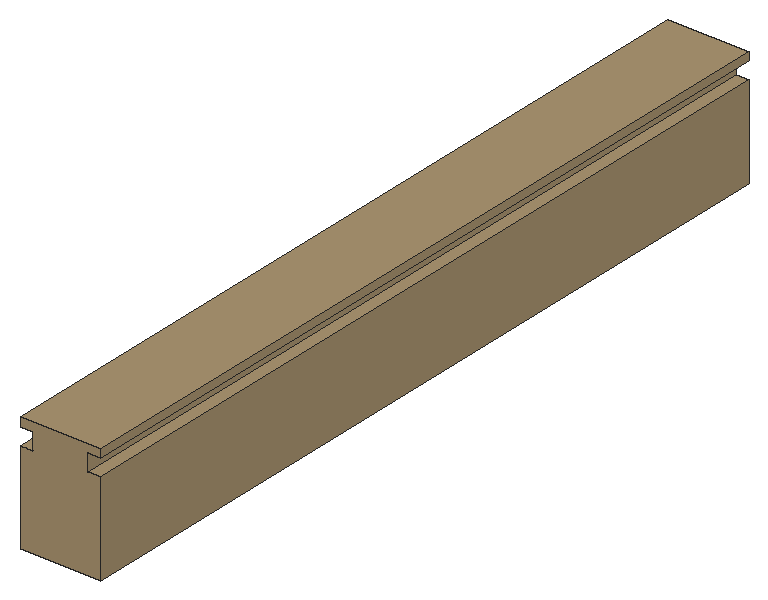
Revit family "R Wood Stud Bracing", category Generic Models, Revit 2016
Family settings
  Part Type = Normal
  Can host rebar = No
  Round Connector Dimension = Use Diameter
  Work Plane-Based = No
  Always vertical = Yes
  Cut with Voids When Loaded = No
  Shared = No
  Room Calculation Point = No
Parameters (values of type ".625 in Wide Sheating R")
  Width [instance] = 0' - 1 1/2"
  Height [instance] = 0' - 3 1/2"
  5/8" Gyp = 2X4 WOOD STUDS
  4' Width = 4' - 0"
Types (2): name | Width | Height | 5/8" Gyp
  .625 in Wide Sheating R | 0' - 1 1/2" | 0' - 3 1/2" | 2X4 WOOD STUDS
  .625 in Wide Sheating R 2 | 0' - 0 5/8" | 3' - 0" | none
Reference planes (in)
  plane 1 "Center (Front/Back)": y = 0
  plane 2: z = 0
  plane 3 "Center (Left/Right)": x = 0
Forms (in)
  Sweep 1, solid, material "2X4 WOOD STUDS" <- "5/8" Gyp"
    path origin (0, 0, 0) x (1, 0, 0) y (0, 1, 0)
      loop
        line (0, -24) -> (0, 24)
    profile origin (0, 0, 0) x (-1, 0, 0) y (0, 0, 1)
      loop
        line (2.375, 7) -> (-2.375, 7) -> (-2.375, 6.5) -> (-1.625, 6.5) -> (-1.625, 5.5) -> (-2.375, 5.5) -> (-2.375, 0) -> (2.375, 0) -> (2.375, 5.5) -> (1.625, 5.5) -> (1.625, 6.5) -> (2.375, 6.5) -> (2.375, 7)
Dimensions and locks (in)
  "4' Width": Sweep 1 sketch curve to Sweep 1 sketch curve
  aligned and locked: plane 2 to level
Automatic sketch dimensions
  Sweep 1 sketch curve to plane 3 "Center (Left/Right)" = 0' - 0"
  plane 1 "Center (Front/Back)" to Sweep 1 sketch curve = 2' - 0"
  Sweep 1 sketch curve to profile plane = 0' - 2 3/8"  (x2)
  Sweep 1 sketch curve to Sweep 1 sketch curve = 0' - 0 3/4"  (x3)
  Sweep 1 sketch curve to Sweep 1 sketch curve = 0' - 3 1/4"
  Sweep 1 sketch curve to level = 0' - 0"
  Sweep 1 sketch curve to Sweep 1 sketch curve = 0' - 0"
  Sweep 1 sketch curve to Sweep 1 sketch curve = 0' - 1"  (x2)
  Sweep 1 sketch curve to Sweep 1 sketch curve = 0' - 0 1/2"
  level to Sweep 1 sketch curve = 0' - 5 1/2"
